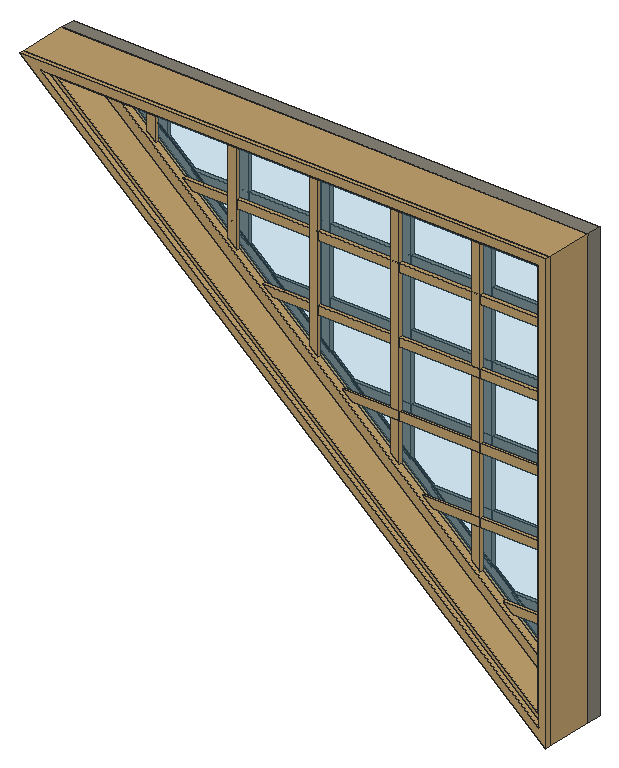
Revit family
Parameters (values of type "CDGPOLY P3-3")
  Window Type = "Clad Direct Glaze Polygon Shape P3-3"
  URL = "www.marvin.com"
  Slope per foot = 0' - 10"
  Slope Length = Width / cos(Slope Angle)  # 5' - 2.482"
  Slope Angle = atan(Slope per foot / 1' 0")  # 39.8056°
  Nominal Width = Width  # 4' - 0"
  Nominal Height = Height  # 3' - 4"
  Muntins Interior Visibility = yes
  Muntins Interior Material = Wood-Marvin-Pine
  Muntins Exterior Visibility = yes
  Muntins Exterior Material = Aluminum-Marvin-Bronze
  Model = "CDGPOLY P3-3"
  Mask Offset [instance] = if(Inset to Installation Flange = 0' 1 3/32", 0' 0 1/32", 0' 0")  # 0' - 0"
  Mask [instance] = Inset to Installation Flange > 0' 1 3/32"  # no
  Manufacturer = "Marvin Windows and Doors"
  Lites Wide = 6
  Lites High = 6
  Label Visibility = no
  Interior Material = Wood-Marvin-Pine
  Glazing Material = Glass-Marvin-IG Low E II with Argon
  Glass Type = "IG Low E II with Argon"
  Frame = "Aluminum Clad"
  Family created by = "www.rbuiltcomponents.com"
  Rough Width = Width + (0' 0 1/2" / sin(Slope Angle)) + 0' 0 1/2"  # 4' - 1.28102"
  Rough Height = Height + (0' 0 1/2" / cos(Slope Angle)) + (0' 0 1/2" * tan(Slope Angle))  # 3' - 5.06752"
  Jamb Extension Visibility = yes
  Inset to Installation Flange [instance] = 0' - 1"
  Height = Slope Length * sin(Slope Angle)  # 3' - 4"
  Design Pressure = if(or(Width > 10' 0", Height > 6' 0"), "", "DP40")  # "DP40"
  Description = "FIXED"
  Default Head Height = 8' - 0"
  Wall Closure = (empty or 0)
  Width = 4' - 0"
  Daylight Area = DLO Width * DLO Height / 2  # 4.76802 SF
  DLO Width = Width - (0' 1 31/32" + (0' 1 31/32" / tan(Slope Angle / 2)))  # 3' - 4.59346"
  DLO Height = Height - (0' 1 31/32" + (0' 1 31/32" / tan((90.00° - Slope Angle) / 2)))  # 2' - 9.82789"
  Cladding Material = Aluminum-Marvin-Bronze
  Assembly Code = ""
Reference planes (in)
  plane 1 "Center (Front/Back)": y = 0
  plane 2: z = 0
  plane 3 "Center (Left/Right)": x = -3
  plane 4 "Left": x = -27
  plane 5 "Right": x = 21
  plane 6 "Sill": z = 56
  plane 7 "Top": z = 96
  plane 8 "Inset": y = 2
  plane 9 "Glazing": y = 1.80078
  plane 10 "Jamb Ext Face": y = -2.5625
  plane 11: z = 76
  plane 12: y = -2.59375
Forms (in)
  Sweep 1, solid, material "Aluminum-Marvin-Bronze" <- "Cladding Material"
    path origin (0, 1.80078, 0) x (1, 0, 0) y (0, 0, 1)
      loop
        line (21, 56) -> (21, 96) -> (-27, 96) -> (21, 56)
    profile "Profile_Ext_Clad_Frame : Profile_Ext_Clad_Frame" origin (21, 1.80078, 76) x (-1, 0, 0) y (0, -1, 0)
      loop
        line (0.66161, -0.32533) -> (1.80253, -0.32533) -> (1.80253, -0.20244) -> (1.97001, -0.03495) -> (1.97001, 0) -> (0, 0) -> (0, -1.29321) -> (0.59393, -1.29321) -> (0.66161, -0.32533)
  Sweep 2, solid, material "Wood-Marvin-Pine" <- "Interior Material"
    path origin (0, 1.80078, 0) x (1, 0, 0) y (0, 0, 1)
      loop
        line (21, 56) -> (21, 96) -> (-27, 96) -> (21, 56)
    profile "Profile_Int_Frame : Profile_Int_Frame" origin (21, 1.80078, 76) x (-1, 0, 0) y (0, -1, 0)
      loop
        line (1.094, 4.36304) -> (0, 4.36304) -> (0, 0) -> (1.094, 0) -> (1.094, 1.0626) -> (1.97001, 1.0626) -> (1.97001, 1.7506) -> (1.094, 1.7506) -> (1.094, 4.36304)
  Extrusion 3, solid, material "Wood-Marvin-Pine" <- "Interior Material", visible <- "Jamb Extension Visibility", detail levels medium+fine
    sketch origin (-6, -2.5625, 0) x (-1, 0, 0) y (0, 0, -1)
      loop
        line (-27, -96) -> (21, -96) -> (-27, -56) -> (-27, -96)
      loop
        line (-26.3125, -95.3125) -> (19.10109, -95.3125) -> (-26.3125, -57.46784) -> (-26.3125, -95.3125)
    from 0 to 0.4375
  Extrusion 4, solid, material "Glass-Marvin-IG Low E II with Argon" <- "Glazing Material"
    sketch origin (0, 1.80078, 0) x (1, 0, 0) y (0, 0, 1)
      loop
        line (-23.46112, 94.71875) -> (19.71875, 58.73552) -> (19.71875, 94.71875) -> (-23.46112, 94.71875)
    from 0 to 0.1875
  Extrusion 5, solid, material "Glass-Marvin-IG Low E II with Argon" <- "Glazing Material"
    sketch origin (0, 1.80078, 0) x (1, 0, 0) y (0, 0, 1)
      loop
        line (-23.46112, 94.71875) -> (19.71875, 58.73552) -> (19.71875, 94.71875) -> (-23.46112, 94.71875)
    from 0.8125 to 1
Lines and regions (in)
  Masking region 1
    outline origin (0, 0, 56) x (0, -1, 0) y (1, 0, 0)
      loop
        line (-3.09375, -27) -> (2.5625, -27) -> (2.5625, 21) -> (-3.09375, 21) -> (-3.09375, -27)
  Masking region 2
    outline origin (-3, 0, 0) x (0, 1, 0) y (0, 0, 1)
      loop
        line (3.094, 96) -> (-2.5625, 96) -> (-2.5625, 56) -> (3.094, 56) -> (3.094, 96)
  Masking region 3, visible <- "Mask"
    outline origin (-3, 0, 0) x (0, 1, 0) y (0, 0, 1)
      loop
        line (3.094, 96) -> (3, 96) -> (3, 56) -> (3.094, 56) -> (3.094, 96)
  Masking region 4, visible <- "Jamb Extension Visibility"
    outline origin (0, 0, 56) x (0, -1, 0) y (1, 0, 0)
      loop
        line (-3, -27) -> (3, -27) -> (3, 21) -> (-3, 21) -> (-3, -27)
  Masking region 5
    outline origin (-3, 0, 0) x (0, 1, 0) y (0, 0, 1)
      loop
        line (-2.59375, 96) -> (-3, 96) -> (-3, 56) -> (-2.59375, 56) -> (-2.59375, 96)
  Opening 1
    outline origin (-60, 3, 0) x (-1, 0, 0) y (0, 0, 1)
      loop
        line (-81, 56) -> (-33, 96) -> (-81, 96) -> (-81, 56)
  symbolic lines, style "Jamb Extension", visible <- "Jamb Extension Visibility", detail levels fine
    curve 1: line (-27, -3, 56) -> (-26.3125, -3, 56)
    curve 2: line (-26.3125, -3, 56) -> (-26.3125, -2.59375, 56)
    curve 3: line (21, -3, 56) -> (20.3125, -3, 56)
    curve 4: line (20.3125, -3, 56) -> (20.3125, -2.59375, 56)
    curve 5: line (-3, -3, 95.3125) -> (-3, -2.59375, 95.3125)
    curve 6: line (-3, -3, 56.6875) -> (-3, -2.59375, 56.6875)
  symbolic lines, style "WindowsFrameMullionProjection", detail levels coarse+medium
    curve 7: line (21, -2.5625, 56) -> (19.906, -2.5625, 56)
    curve 8: line (19.906, -2.5625, 56) -> (19.906, 3.09375, 56)
    curve 9: line (19.906, 3.09375, 56) -> (21, 3.09375, 56)
    curve 10: line (19.906, 2.12611, 56) -> (19.02999, 2.12611, 56)
    curve 11: line (19.02999, 2.12611, 56) -> (19.02999, 0.04994, 56)
    curve 12: line (-25.906, 0.04994, 56) -> (-25.02999, 0.04994, 56)
    curve 13: line (-27, -2.5625, 56) -> (-25.906, -2.5625, 56)
    curve 14: line (-25.906, -2.5625, 56) -> (-25.906, 3.09375, 56)
    curve 15: line (-25.906, 3.09375, 56) -> (-27, 3.09375, 56)
    curve 16: line (-25.02999, 2.12611, 56) -> (-25.02999, 0.04994, 56)
    curve 17: line (-3, 3.094, 96) -> (-3, 3.094, 94.906)
    curve 18: line (-3, 3.094, 94.906) -> (-3, -2.5625, 94.906)
    curve 19: line (-3, -2.5625, 94.906) -> (-3, -2.5625, 96)
    curve 20: line (-3, 2.12611, 94.906) -> (-3, 2.12611, 94.02999)
    curve 21: line (-3, 2.12611, 94.02999) -> (-3, 0.04994, 94.02999)
    curve 22: line (-3, 0.04994, 57.094) -> (-3, 0.04994, 57.97001)
    curve 23: line (-3, 3.094, 56) -> (-3, 3.094, 57.094)
    curve 24: line (-3, 3.094, 57.094) -> (-3, -2.5625, 57.094)
    curve 25: line (-3, -2.5625, 57.094) -> (-3, -2.5625, 56)
    curve 26: line (-3, 2.12611, 57.97001) -> (-3, 0.04994, 57.97001)
    curve 27: line (19.02999, 2.12611, 56) -> (-25.02999, 2.12611, 56)
    curve 28: line (19.02999, 0.04994, 56) -> (19.906, 0.04994, 56)
    curve 29: line (-25.02999, 0.04994, 56) -> (19.02999, 0.04994, 56)
    curve 30: line (-25.02999, 2.12611, 56) -> (-25.906, 2.12611, 56)
    curve 31: line (-3, 0.04994, 57.97001) -> (-3, 0.04994, 94.02999)
    curve 32: line (-3, 2.12611, 57.97001) -> (-3, 2.12611, 57.094)
    curve 33: line (-3, 0.04994, 94.02999) -> (-3, 0.04994, 94.906)
    curve 34: line (-3, 2.12611, 94.02999) -> (-3, 2.12611, 57.97001)
  symbolic lines, style "WindowsFrameMullionProjection", visible <- "Jamb Extension Visibility", detail levels coarse+medium
    curve 35: line (-26.3125, -2.59375, 56) -> (-26.3125, -3, 56)
    curve 36: line (-26.3125, -3, 56) -> (-27, -3, 56)
    curve 37: line (20.3125, -2.59375, 56) -> (20.3125, -3, 56)
    curve 38: line (20.3125, -3, 56) -> (21, -3, 56)
    curve 41: line (-3, -2.59375, 95.3125) -> (-3, -3, 95.3125)
    curve 42: line (-3, -3, 95.3125) -> (-3, -3, 96)
    curve 43: line (-3, -2.59375, 56.6875) -> (-3, -3, 56.6875)
    curve 44: line (-3, -3, 56.6875) -> (-3, -3, 56)
  symbolic lines, style "Jamb Extension", visible <- "Jamb Extension Visibility"
    curve 39: line (-3, -3, 56.6875) -> (-3, -3, 56)
    curve 40: line (-3, -3, 95.3125) -> (-3, -3, 96)
  symbolic lines, style "WindowsGlassProjection", detail levels coarse+medium
    curve 45: line (-3, 1.06756, 57.97001) -> (-3, 1.06756, 94.02999)
    curve 46: line (19.02999, 1.06956, 56) -> (-25.02999, 1.06956, 56)
  reference lines
    curve 47: line (-27, 0, 96) -> (21, 0, 56)
Text (in)
  text "EXTERIOR" at (-58.6888, 50.90694, 0), in view "Ref. Level"
  text "INTERIOR" at (-58.6888, -37.76638, 0), in view "Ref. Level"
  text "Exterior" at (0, 43.65631, 123.19604), in view "Left"
  text "Exterior" at (0, 18.29385, 125.04747), in view "Right"
Dimensions and locks (in)
  equal spacing: plane 4 "Left", plane 3 "Center (Left/Right)", plane 5 "Right"
  "Width": plane 4 "Left" to plane 5 "Right"
  "Height": plane 6 "Sill" to plane 7 "Top"
  "Inset to Installation Flange": host wall to plane 8 "Inset"
  locked: plane 9 "Glazing" to plane 8 "Inset" at 0.19922
  locked: plane 10 "Jamb Ext Face" to plane 8 "Inset" at 4.5625
  equal spacing: curve 28, plane 8 "Inset", curve 10
  equal spacing: plane 6 "Sill", plane 11, plane 7 "Top"
  "Default Head Height": plane 2 to plane 7 "Top"
  locked: nested 3 to host wall at 12.00106
  locked: curve 41 to plane 7 "Top" at 0.6875
  locked: plane 12 to plane 10 "Jamb Ext Face" at 0.03125
  "Mask Offset": Masking region 3 sketch curve to host wall
  plane 9 "Glazing" to Extrusion 5 to Extrusion 5 = 0' - 0 13/16" locked, 0' - 0 3/16" locked
  locked: plane 9 "Glazing" to Extrusion 4 at 0.1875
  locked: nested 5 to plane 9 "Glazing" at 1.0625
  "Slope Length": curve 47 to curve 47
  locked: Extrusion 3 sketch curve to plane 7 "Top" at 0.6875
  locked: Extrusion 3 sketch curve to curve 47 at 0.6875
  locked: Extrusion 3 sketch curve to plane 5 "Right" at 0.6875
  locked: Extrusion 4 sketch curve to plane 7 "Top" at 1.28125
  locked: Extrusion 4 sketch curve to plane 5 "Right" at 1.28125
  locked: Extrusion 4 sketch curve to curve 47 at 1.28125
  locked: Extrusion 5 sketch curve to plane 7 "Top" at 1.28125
  locked: Extrusion 5 sketch curve to plane 5 "Right" at 1.28125
  locked: Extrusion 5 sketch curve to curve 47 at 1.28125
  aligned and locked: nested 1 to plane 3 "Center (Left/Right)"
  aligned and locked: plane 8 "Inset" to nested 1
  aligned and locked: host wall to curve 1
  aligned and locked: curve 3 to host wall
  aligned and locked: plane 8 "Inset" to nested 2
  aligned and locked: plane 5 "Right" to Masking region 1 sketch curve
  aligned and locked: Masking region 1 sketch curve to plane 4 "Left"
  aligned and locked: plane 7 "Top" to Masking region 2 sketch curve
  aligned and locked: Masking region 2 sketch curve to plane 6 "Sill"
  aligned and locked: plane 3 "Center (Left/Right)" to nested 3
  aligned and locked: plane 7 "Top" to Masking region 3 sketch curve
  aligned and locked: Masking region 3 sketch curve to plane 6 "Sill"
  aligned and locked: plane 10 "Jamb Ext Face" to curve 13
  aligned and locked: curve 7 to plane 10 "Jamb Ext Face"
  aligned and locked: plane 4 "Left" to curve 36
  aligned and locked: curve 36 to host wall
  aligned and locked: plane 5 "Right" to curve 38
  aligned and locked: host wall to curve 38
  aligned and locked: curve 25 to plane 10 "Jamb Ext Face"
  aligned and locked: plane 6 "Sill" to curve 39
  aligned and locked: plane 10 "Jamb Ext Face" to curve 19
  aligned and locked: plane 7 "Top" to curve 40
  aligned and locked: plane 7 "Top" to curve 42
  aligned and locked: host wall to curve 42
  aligned and locked: plane 6 "Sill" to curve 44
  aligned and locked: plane 6 "Sill" to nested 2
  aligned and locked: curve 18 to nested 2
  aligned and locked: curve 21 to nested 2
  aligned and locked: Masking region 1 sketch curve to plane 10 "Jamb Ext Face"
  aligned and locked: Masking region 4 sketch curve to plane 4 "Left"
  aligned and locked: plane 5 "Right" to Masking region 4 sketch curve
  aligned and locked: Masking region 4 sketch curve to host wall  (x2)
  aligned and locked: Masking region 2 sketch curve to plane 10 "Jamb Ext Face"
  aligned and locked: plane 7 "Top" to Masking region 5 sketch curve
  aligned and locked: Masking region 5 sketch curve to plane 6 "Sill"
  aligned and locked: plane 12 to Masking region 5 sketch curve
  aligned and locked: Masking region 5 sketch curve to host wall
  aligned and locked: host wall to Extrusion 3
  aligned and locked: Extrusion 3 to plane 10 "Jamb Ext Face"
  aligned and locked: plane 5 "Right" to nested 4
  aligned and locked: nested 5 to plane 5 "Right"
  aligned and locked: plane 7 "Top" to nested 4
  aligned and locked: nested 5 to plane 7 "Top"
  aligned and locked: plane 9 "Glazing" to nested 4
  aligned and locked: plane 7 "Top" to curve 47
  aligned and locked: plane 6 "Sill" to curve 47
  aligned and locked: plane 5 "Right" to curve 47
  aligned and locked: plane 5 "Right" to Sweep 1 sketch curve
  aligned and locked: plane 7 "Top" to Sweep 1 sketch curve
  aligned and locked: Sweep 1 sketch curve to curve 47
  aligned and locked: plane 5 "Right" to Sweep 2 sketch curve
  aligned and locked: plane 7 "Top" to Sweep 2 sketch curve
  aligned and locked: Sweep 2 sketch curve to curve 47
  aligned and locked: plane 7 "Top" to Opening 1 sketch curve
  aligned and locked: plane 5 "Right" to Opening 1 sketch curve
  aligned and locked: Opening 1 sketch curve to curve 47
  aligned and locked: Extrusion 3 sketch curve to plane 7 "Top"
  aligned and locked: Extrusion 3 sketch curve to plane 5 "Right"
  aligned and locked: Extrusion 3 sketch curve to curve 47
  aligned and locked: Masking region 3 sketch curve to Sweep 1
  aligned and locked: Masking region 2 sketch curve to Sweep 1
  aligned and locked: curve 17 to Sweep 1
  aligned and locked: curve 33 to nested 2
  aligned and locked: curve 23 to Sweep 1
  aligned and locked: curve 22 to nested 2
  aligned and locked: Masking region 1 sketch curve to nested 1
  aligned and locked: curve 15 to nested 1
  aligned and locked: curve 12 to nested 1
  aligned and locked: curve 28 to nested 1
  aligned and locked: curve 9 to nested 1
Automatic sketch dimensions
  plane 12 to curve 35 = 0' - 0"
  plane 12 to curve 4 = 0' - 0"
  plane 12 to curve 37 = 0' - 0"
  plane 12 to curve 2 = 0' - 0"
  curve 1 to plane 4 "Left" = 0' - 0"
  curve 3 to plane 5 "Right" = 0' - 0"
  curve 2 to plane 4 "Left" = 0' - 0 11/16"
  plane 5 "Right" to curve 4 = 0' - 0 11/16"
  curve 39 to host wall = 0' - 0"
  curve 5 to plane 12 = 0' - 0"
  curve 41 to plane 12 = 0' - 0"
  curve 6 to plane 12 = 0' - 0"
  curve 43 to plane 12 = 0' - 0"
  plane 7 "Top" to curve 17 = 0' - 0"
  plane 6 "Sill" to curve 23 = 0' - 0"
  plane 6 "Sill" to curve 25 = 0' - 0"
  plane 7 "Top" to curve 19 = 0' - 0"
  plane 9 "Glazing" to curve 45 = 0' - 0.73322"
  curve 32 to plane 8 "Inset" = 0' - 0.12611"
  curve 44 to plane 6 "Sill" = 0' - 0 11/16"
  curve 6 to curve 25 = 0' - 0.4065"
  curve 22 to curve 22 = 0' - 0.87601"
  curve 15 to plane 4 "Left" = 0' - 0"
  curve 13 to plane 4 "Left" = 0' - 0"
  curve 9 to plane 5 "Right" = 0' - 0"
  curve 7 to plane 5 "Right" = 0' - 0"
  curve 16 to plane 8 "Inset" = 0' - 0.12611"
  curve 14 to plane 4 "Left" = 0' - 1.094"
  curve 12 to curve 16 = 0' - 0.87601"
  curve 8 to curve 4 = 0' - 0.4065"
  curve 11 to curve 28 = 0' - 0.87601"
  plane 9 "Glazing" to curve 46 = 0' - 0.73122"
Nested families (in)
  nested 1: "Polygon_Plan_Detail" at (-3, 2, 56) x (-1, 0, 0) z (0, 0, -1), type "Polygon_Plan_Detail", detail levels fine
    with Width 4' - 0"
  nested 2: "Polygon_Section_Detail" at (-3, 2, 96) x (0, -1, 0) z (1, 0, 0), type "Polygon_Section_Detail", detail levels fine
    with Height 3' - 4"
  nested 3: "Label Annotation 1-16 w6" at (-3, 15.00106, 0), visible <- "Label Visibility", type "Label Annotation 1-16 w6"
    with Nominal Height 3' - 4"
  nested 4: "Muntins" at (-28.12312, 1.80078, 22.2086), Muntin Material <- "Muntins Exterior Material", visible <- "Muntins Exterior Visibility", type "Muntins"
    with Muntin Material Aluminum-Marvin-Bronze, Width_Calc 3' - 8.09968", Slope Angle 39.8056°, Offset Vert 0' - 3.86976", Offset Horiz 0' - 5.00622", Inset Vert2 0' - 3 9/16", Inset Horiz2 0' - 3.38193", Height_Calc 3' - 0.19765", GlazingWidth 3' - 4.59346", GlazingHeight 2' - 9.82789", Width 3' - 4.90596", Height 2' - 10.14039", Inset Vert 0' - 6.97495", Inset Horiz 0' - 5.65794", Frame Width 3' - 11.72468", Frame Height 3' - 3.82265", Center_W_Calc 1' - 8.45298", Center_H_Calc 1' - 5.07019"
  nested 5: "Muntins" at (-28.12312, 0.73828, 22.2086), Muntin Material <- "Muntins Interior Material", visible <- "Muntins Interior Visibility", type "Muntins"
    with Muntin Material Wood-Marvin-Pine, Width_Calc 3' - 8.09968", Slope Angle 39.8056°, Offset Vert 0' - 3.86976", Offset Horiz 0' - 5.00622", Inset Vert2 0' - 3 9/16", Inset Horiz2 0' - 3.38193", Height_Calc 3' - 0.19765", GlazingWidth 3' - 4.59346", GlazingHeight 2' - 9.82789", Width 3' - 4.90596", Height 2' - 10.14039", Inset Vert 0' - 6.97495", Inset Horiz 0' - 5.65794", Frame Width 3' - 11.72468", Frame Height 3' - 3.82265", Center_W_Calc 1' - 8.45298", Center_H_Calc 1' - 5.07019"
Definition of nested family "Muntins"
  Parameters (values of type "Muntins")
    Width_Calc = Width + (Offset Horiz - 0' 1 13/16")  # 4' - 2.87576"
    Slope Angle = 45.00°
    Offset Vert = (0' 1 13/16" / tan((90.00° - Slope Angle) / 2))  # 0' - 4.37576"
    Offset Horiz = (0' 1 13/16" / tan(Slope Angle / 2))  # 0' - 4.37576"
    Inset Vert2 = Inset Vert - (Offset Horiz - 0' 1 31/32") - (MuntinWidth / 2)  # 0' - 5.32228"
    Inset Horiz2 = Inset Horiz - (Offset Vert - 0' 1 31/32") - (MuntinWidth / 2)  # 0' - 5.32228"
    Height_Calc = Height + (Offset Vert - 0' 1 13/16")  # 4' - 2.87576"
    GlazingWidth = 4' - 0"
    GlazingHeight = 4' - 0"
    Width = GlazingWidth + 0' 0 5/16"  # 4' - 0 5/16"
    VerticalMuntins = if(LitesHorizontal < 3, 2, LitesHorizontal - 1)  # 5
    VertMuntVisible = LitesHorizontal > 2  # yes
    MuntinWidth = 0' - 0 3/4"
    MuntinDepth = 0' - 0 5/16"
    Muntin Material [instance] = none
    LitesVertical = 6
    LitesHorizontal = 6
    HorizontalMuntins = if(LitesVertical < 3, 2, LitesVertical - 1)  # 5
    HorizMuntVisible = LitesVertical > 2  # yes
    Height = GlazingHeight + 0' 0 5/16"  # 4' - 0 5/16"
    Inset Vert = if(LitesHorizontal < 3, (Width_Calc / 3) - (MuntinWidth / 2), (Width_Calc / LitesHorizontal) - (MuntinWidth / 2))  # 0' - 8.10429"
    Inset Horiz = if(LitesVertical < 3, (Height_Calc / 3) - (MuntinWidth / 2), (Height_Calc / LitesVertical) - (MuntinWidth / 2))  # 0' - 8.10429"
    Frame Height = Height + Offset Vert + 0' 1 13/16"  # 4' - 6.50076"
    Frame Width = Width + Offset Horiz + 0' 1 13/16"  # 4' - 6.50076"
    Center_W_Calc = Width / 2  # 2' - 0 5/32"
    Center_H_Calc = Height / 2  # 2' - 0 5/32"
    CenterMuntinVertical = LitesHorizontal = 2  # no
    CenterMuntinHorizontal = LitesVertical = 2  # no
    Assembly Code = ""
  Reference planes (in)
    plane 1 "Center (Front/Back)": y = 0
    plane 2: z = 0
    plane 3 "Center (Left/Right)": x = 1.39844
    plane 4: z = 33.96875
    plane 5: x = 55.8992
    plane 6: z = 88.46951
    plane 7: z = 62.50076
    plane 8: x = 29.93045
    plane 9: x = 5.7742
    plane 10: z = 38.34451
    plane 11: x = 11.09648
    plane 12: z = 43.66679
    plane 13: z = 78.55272
    plane 14: x = 45.98241
    plane 15: x = 54.0867
    plane 16: z = 86.65701
  Forms (in)
    Extrusion 1, solid, material <- "Muntin Material", visible <- "CenterMuntinVertical"
      sketch origin (34.39844, 0, 0) x (1, 0, 0) y (0, 0, 1)
        loop
          line (-4.84299, 86.65701) -> (-4.84299, 38.34451) -> (-4.09299, 38.34451) -> (-4.09299, 86.65701) -> (-4.84299, 86.65701)
      from 0 to 0.3125 <- "MuntinDepth"
    Extrusion 2, solid, material <- "Muntin Material", visible <- "CenterMuntinHorizontal"
      sketch origin (25.39714, 0, 14.6875) x (1, 0, 0) y (0, 0, 1)
        loop
          line (-19.61661, 48.18826) -> (-19.61661, 47.43826) -> (28.69589, 47.43826) -> (28.69589, 48.18826) -> (-19.61661, 48.18826)
      from 0 to 0.3125 <- "MuntinDepth"
    Extrusion 3, solid, material <- "Muntin Material", visible <- "HorizMuntVisible"
      sketch origin (2.56326, 0, -3.21583) x (1, 0, 0) y (0, 0, 1)
        loop
          line (3.21094, 46.88262) -> (51.52344, 46.88262) -> (51.52344, 47.63262) -> (3.21094, 47.63262) -> (3.21094, 46.88262)
      from 0 to 0.3125 <- "MuntinDepth"
    Extrusion 4, solid, material <- "Muntin Material", visible <- "HorizMuntVisible"
      sketch origin (2.56326, 0, 30.9201) x (1, 0, 0) y (0, 0, 1)
        loop
          line (3.21094, 46.88262) -> (51.52344, 46.88262) -> (51.52344, 47.63262) -> (3.21094, 47.63262) -> (3.21094, 46.88262)
      from 0 to 0.3125 <- "MuntinDepth"
    Extrusion 5, solid, material <- "Muntin Material", visible <- "HorizMuntVisible"
      sketch origin (2.56326, 0, 5.31815) x (1, 0, 0) y (0, 0, 1)
        loop
          line (3.21094, 46.88262) -> (51.52344, 46.88262) -> (51.52344, 47.63262) -> (3.21094, 47.63262) -> (3.21094, 46.88262)
      from 0 to 0.3125 <- "MuntinDepth"
    Extrusion 6, solid, material <- "Muntin Material", visible <- "HorizMuntVisible"
      sketch origin (2.56326, 0, 13.85213) x (1, 0, 0) y (0, 0, 1)
        loop
          line (3.21094, 46.88262) -> (51.52344, 46.88262) -> (51.52344, 47.63262) -> (3.21094, 47.63262) -> (3.21094, 46.88262)
      from 0 to 0.3125 <- "MuntinDepth"
    Extrusion 7, solid, material <- "Muntin Material", visible <- "HorizMuntVisible"
      sketch origin (2.56326, 0, 22.38612) x (1, 0, 0) y (0, 0, 1)
        loop
          line (3.21094, 46.88262) -> (51.52344, 46.88262) -> (51.52344, 47.63262) -> (3.21094, 47.63262) -> (3.21094, 46.88262)
      from 0 to 0.3125 <- "MuntinDepth"
    Extrusion 8, solid, material <- "Muntin Material", visible <- "HorizMuntVisible"
      sketch origin (-3.21583, 0, 2.56326) x (1, 0, 0) y (0, 0, 1)
        loop
          line (14.31231, 35.78125) -> (15.06231, 35.78125) -> (15.06231, 84.09375) -> (14.31231, 84.09375) -> (14.31231, 35.78125)
      from 0 to 0.3125 <- "MuntinDepth"
    Extrusion 9, solid, material <- "Muntin Material", visible <- "HorizMuntVisible"
      sketch origin (30.9201, 0, 2.56326) x (1, 0, 0) y (0, 0, 1)
        loop
          line (14.31231, 35.78125) -> (15.06231, 35.78125) -> (15.06231, 84.09375) -> (14.31231, 84.09375) -> (14.31231, 35.78125)
      from 0 to 0.3125 <- "MuntinDepth"
    Extrusion 10, solid, material <- "Muntin Material", visible <- "HorizMuntVisible"
      sketch origin (5.31815, 0, 2.56326) x (1, 0, 0) y (0, 0, 1)
        loop
          line (14.31231, 35.78125) -> (15.06231, 35.78125) -> (15.06231, 84.09375) -> (14.31231, 84.09375) -> (14.31231, 35.78125)
      from 0 to 0.3125 <- "MuntinDepth"
    Extrusion 11, solid, material <- "Muntin Material", visible <- "HorizMuntVisible"
      sketch origin (13.85213, 0, 2.56326) x (1, 0, 0) y (0, 0, 1)
        loop
          line (14.31231, 35.78125) -> (15.06231, 35.78125) -> (15.06231, 84.09375) -> (14.31231, 84.09375) -> (14.31231, 35.78125)
      from 0 to 0.3125 <- "MuntinDepth"
    Extrusion 12, solid, material <- "Muntin Material", visible <- "HorizMuntVisible"
      sketch origin (22.38612, 0, 2.56326) x (1, 0, 0) y (0, 0, 1)
        loop
          line (14.31231, 35.78125) -> (15.06231, 35.78125) -> (15.06231, 84.09375) -> (14.31231, 84.09375) -> (14.31231, 35.78125)
      from 0 to 0.3125 <- "MuntinDepth"
    Extrusion 13, void
      sketch origin (89.86795, 0, 64.46951) x (0, 0, -1) y (1, 0, 0)
        loop
          line (30.50076, -88.46951) -> (30.50076, -31.62646) -> (-26.34229, -88.46951) -> (30.50076, -88.46951)
      from 0 to 12
  Cuts and joins
    Extrusion 13 cuts Extrusion 1
    Extrusion 13 cuts Extrusion 2
    Extrusion 13 cuts Extrusion 3
    Extrusion 13 cuts Extrusion 4
    Extrusion 13 cuts Extrusion 5
    Extrusion 13 cuts Extrusion 6
    Extrusion 13 cuts Extrusion 7
    Extrusion 13 cuts Extrusion 8
    Extrusion 13 cuts Extrusion 9
    Extrusion 13 cuts Extrusion 10
    Extrusion 13 cuts Extrusion 11
    Extrusion 13 cuts Extrusion 12
  Lines and regions (in)
    reference lines
      curve 1: line (55.8992, 0, 33.96875) -> (1.39844, 0, 88.46951)
  Dimensions and locks (in)
    "MuntinWidth": Extrusion 1 sketch curve to Extrusion 1 sketch curve
    "Height": Extrusion 1 sketch curve to Extrusion 1 sketch curve
    "MuntinWidth": Extrusion 2 sketch curve to Extrusion 2 sketch curve
    "Width": Extrusion 2 sketch curve to Extrusion 2 sketch curve
    equal spacing: Extrusion 1 sketch curve, plane 8, Extrusion 1 sketch curve
    equal spacing: Extrusion 2 sketch curve, plane 7, Extrusion 2 sketch curve
    "Offset Vert": plane 10 to plane 4
    "Offset Horiz": plane 9 to plane 3 "Center (Left/Right)"
    "Inset Vert2": plane 11 to plane 9
    "Inset Horiz2": plane 12 to plane 10
    "Inset Horiz": plane 16 to plane 13
    "Inset Vert": plane 15 to plane 14
    "Width": plane 15 to plane 9
    "Height": plane 16 to plane 10
    "Center_H_Calc": plane 16 to plane 7
    "Center_W_Calc": plane 15 to plane 8
    locked: plane 6 to plane 16 at 1.8125
    locked: plane 5 to plane 15 at 1.8125
    "MuntinWidth": Extrusion 3 sketch curve to Extrusion 3 sketch curve
    "Width": Extrusion 3 sketch curve to Extrusion 3 sketch curve
    "MuntinWidth": Extrusion 4 sketch curve to Extrusion 4 sketch curve
    "Width": Extrusion 4 sketch curve to Extrusion 4 sketch curve
    equal spacing: group 2, group 4, group 5, group 6, group 3  (x3)
    "MuntinWidth": Extrusion 5 sketch curve to Extrusion 5 sketch curve
    "Width": Extrusion 5 sketch curve to Extrusion 5 sketch curve
    "MuntinWidth": Extrusion 6 sketch curve to Extrusion 6 sketch curve
    "Width": Extrusion 6 sketch curve to Extrusion 6 sketch curve
    "MuntinWidth": Extrusion 7 sketch curve to Extrusion 7 sketch curve
    "Width": Extrusion 7 sketch curve to Extrusion 7 sketch curve
    "MuntinWidth": Extrusion 8 sketch curve to Extrusion 8 sketch curve
    "Height": Extrusion 8 sketch curve to Extrusion 8 sketch curve
    "MuntinWidth": Extrusion 9 sketch curve to Extrusion 9 sketch curve
    "Height": Extrusion 9 sketch curve to Extrusion 9 sketch curve
    equal spacing: group 7, group 9, group 10, group 11, group 8  (x3)
    "MuntinWidth": Extrusion 10 sketch curve to Extrusion 10 sketch curve
    "Height": Extrusion 10 sketch curve to Extrusion 10 sketch curve
    "MuntinWidth": Extrusion 11 sketch curve to Extrusion 11 sketch curve
    "Height": Extrusion 11 sketch curve to Extrusion 11 sketch curve
    "MuntinWidth": Extrusion 12 sketch curve to Extrusion 12 sketch curve
    "Height": Extrusion 12 sketch curve to Extrusion 12 sketch curve
    locked: Extrusion 13 sketch curve to curve 1 at 1.65625
    aligned and locked: plane 4 to curve 1
    aligned and locked: plane 6 to curve 1
    aligned and locked: plane 3 "Center (Left/Right)" to curve 1
    aligned and locked: plane 5 to curve 1
    aligned and locked: Extrusion 3 to plane 12
    aligned and locked: plane 13 to Extrusion 4
    aligned and locked: Extrusion 4 to plane 9
    aligned and locked: Extrusion 3 to plane 9
    aligned and locked: Extrusion 8 to plane 11
    aligned and locked: plane 14 to Extrusion 9
    aligned and locked: Extrusion 9 to plane 10
    aligned and locked: Extrusion 8 to plane 10
    aligned and locked: plane 3 "Center (Left/Right)" to Extrusion 13 sketch curve
    aligned and locked: plane 4 to Extrusion 13 sketch curve
  Automatic sketch dimensions
    Extrusion 1 sketch curve to plane 10 = 0' - 0"
    Extrusion 1 sketch curve to plane 8 = 0' - 0 3/8"
    plane 9 to Extrusion 2 sketch curve = 0' - 0.00632"
    Extrusion 2 sketch curve to plane 7 = 0' - 0 3/8"
Definition of nested family "Polygon_Plan_Detail"
  Parameters (values of type "Polygon_Plan_Detail")
    Width = 3' - 0"
    Assembly Code = ""
  Reference planes (in)
    plane 1 "Center (Front/Back)": y = 0
    plane 2: z = 0
    plane 3 "Center (Left/Right)": x = 0
    plane 4: x = -18
    plane 5: x = 18
  Lines and regions (in)
    detail lines, style "Cut Lines", in view "Ref. Level"
      curve 1: line (-16.71748, -0.23076, 0) -> (16.71748, -0.23076, 0)
      curve 2: line (16.71748, -0.41826, 0) -> (-16.71748, -0.41826, 0)
      curve 3: line (-16.71749, -1.04326, 0) -> (16.71749, -1.04326, 0)
      curve 4: line (16.71749, -1.23076, 0) -> (-16.71749, -1.23076, 0)
  Dimensions and locks (in)
    equal spacing: plane 4, plane 3 "Center (Left/Right)", plane 5
    "Width": plane 4 to plane 5
    aligned and locked: plane 1 "Center (Front/Back)" to nested 1
    aligned and locked: nested 1 to plane 4
    aligned and locked: plane 5 to nested 2
    aligned and locked: nested 2 to plane 1 "Center (Front/Back)"
    aligned and locked: curve 1 to nested 1
    aligned and locked: curve 2 to nested 2
    aligned and locked: curve 3 to nested 1
    aligned and locked: curve 4 to nested 2
  Automatic sketch dimensions
    plane 4 to curve 3 = 0' - 1.28251"
    curve 4 to curve 3 = 0' - 0"
    curve 3 to curve 1 = 0' - 0"
    curve 2 to curve 1 = 0' - 0"  (x2)
    plane 5 to curve 1 = 0' - 1.28252"
    curve 2 to curve 4 = 0' - 0"
    curve 3 to curve 4 = 0' - 0"
  Nested families (in)
    nested 1: "Jamb_Detail" at (-18, 0, 0), type "Jamb_Detail", in view "Ref. Level"
    nested 2: "Jamb_Detail" at (18, 0, 0) x (-1, 0, 0) z (0, 0, 1), type "Jamb_Detail", in view "Ref. Level"
  Definition of nested family "Jamb_Detail"
    Reference planes (in)
      plane 1 "Center (Front/Back)": y = 0
      plane 2: z = 0
      plane 3 "Center (Left/Right)": x = 0
    Lines and regions (in)
      detail lines, style "Cut Lines", in view "Ref. Level"
        curve 1: line (1.094, 4.5625, 0) -> (0, 4.5625, 0)
        curve 2: line (0, 4.5625, 0) -> (0, -1.09375, 0)
        curve 3: line (1.094, 4.5625, 0) -> (1.094, 1.95006, 0)
        curve 4: line (1.094, 1.95006, 0) -> (1.97001, 1.95006, 0)
        curve 5: line (1.97001, 1.95006, 0) -> (1.97001, 1.26206, 0)
        curve 6: line (1.97001, 1.26206, 0) -> (1.094, 1.26206, 0)
        curve 7: line (-0.15502, 0, 0) -> (-1.50502, 0, 0)
        curve 8: line (0, -0.045, 0) -> (-1.50502, -0.045, 0)
        curve 9: line (0, 0.11, 0) -> (-0.15502, 0.11, 0)
        curve 10: line (-0.15502, 0, 0) -> (-0.15502, 0.11, 0)
        curve 11: line (0.66161, -0.12586, 0) -> (0.59393, -1.09375, 0)
        curve 12: line (0.59393, -1.09375, 0) -> (0, -1.09375, 0)
        curve 13: line (1.80253, -0.12586, 0) -> (0.66161, -0.12586, 0)
        curve 14: line (1.80253, -0.00297, 0) -> (1.80253, -0.12586, 0)
        curve 15: line (1.094, 0.19946, 0) -> (1.97001, 0.19946, 0)
        curve 16: line (-1.50502, 0, 0) -> (-1.50502, -0.045, 0)
        curve 17: line (1.97001, 0.19946, 0) -> (1.97001, 0.16452, 0)
        curve 18: line (1.094, 1.26206, 0) -> (1.094, 0.19946, 0)
        curve 19: line (1.72001, 1.04326, 0) -> (1.72001, 0.41826, 0)
        curve 20: line (1.40751, 1.04326, 0) -> (1.40751, 0.41826, 0)
        curve 21: line (1.28251, 1.23076, 0) -> (1.28251, 1.04326, 0)
        curve 22: line (1.28252, 0.23076, 0) -> (1.28252, 0.41826, 0)
        curve 23: line (1.80253, -0.00297, 0) -> (1.97001, 0.16452, 0)
Definition of nested family "Polygon_Section_Detail"
  Parameters (values of type "Polygon_Section_Detail")
    Height = 3' - 0"
    Assembly Code = ""
  Reference planes (in)
    plane 1 "Center (Front/Back)": y = 0
    plane 2: z = 0
    plane 3 "Center (Left/Right)": x = 0
    plane 4: y = 36
  Lines and regions (in)
    detail lines, style "Cut Lines", in view "Ref. Level"
      curve 1: line (0.23076, 1.28252, 0) -> (0.23076, 34.71748, 0)
      curve 2: line (0.41826, 34.71748, 0) -> (0.41826, 1.28252, 0)
      curve 3: line (1.04326, 1.28251, 0) -> (1.04326, 34.71749, 0)
      curve 4: line (1.23076, 34.71749, 0) -> (1.23076, 1.28251, 0)
  Dimensions and locks (in)
    "Height": plane 4 to plane 1 "Center (Front/Back)"
    aligned and locked: nested 1 to plane 4
    aligned and locked: plane 3 "Center (Left/Right)" to nested 1
    aligned and locked: curve 2 to nested 1
    aligned and locked: curve 4 to nested 1
    aligned and locked: plane 1 "Center (Front/Back)" to nested 2
    aligned and locked: nested 2 to plane 3 "Center (Left/Right)"
    aligned and locked: curve 1 to nested 2
    aligned and locked: nested 2 to curve 2
    aligned and locked: nested 2 to curve 3
    aligned and locked: curve 4 to nested 2
  Automatic sketch dimensions
    curve 2 to plane 4 = 0' - 1.28252"
    curve 1 to curve 2 = 0' - 0"
    curve 2 to curve 4 = 0' - 0"
    curve 3 to curve 4 = 0' - 0"
    curve 1 to curve 2 = 0' - 0 3/16"
    curve 3 to curve 4 = 0' - 0 3/16"
  Nested families (in)
    nested 1: "Head_Detail" at (0, 36, 0), type "Head_Detail", in view "Ref. Level"
    nested 2: "Head_Detail" at (0, 0, 0), type "Head_Detail", in view "Ref. Level"
  Definition of nested family "Head_Detail"
    Reference planes (in)
      plane 1 "Center (Front/Back)": y = 0
      plane 2: z = 0
      plane 3 "Center (Left/Right)": x = 0
    Lines and regions (in)
      detail lines, style "Cut Lines", in view "Ref. Level"
        curve 1: line (4.5625, -1.094, 0) -> (4.5625, 0, 0)
        curve 2: line (4.5625, 0, 0) -> (-1.09375, 0, 0)
        curve 3: line (4.5625, -1.094, 0) -> (1.95006, -1.094, 0)
        curve 4: line (1.95006, -1.094, 0) -> (1.95006, -1.97001, 0)
        curve 5: line (1.95006, -1.97001, 0) -> (1.26206, -1.97001, 0)
        curve 6: line (1.26206, -1.97001, 0) -> (1.26206, -1.094, 0)
        curve 7: line (0, 0.15502, 0) -> (0, 1.50502, 0)
        curve 8: line (-0.045, 0, 0) -> (-0.045, 1.50502, 0)
        curve 9: line (0.11, 0, 0) -> (0.11, 0.15502, 0)
        curve 10: line (0, 0.15502, 0) -> (0.11, 0.15502, 0)
        curve 11: line (-0.12586, -0.66161, 0) -> (-1.09375, -0.59393, 0)
        curve 12: line (-1.09375, -0.59393, 0) -> (-1.09375, 0, 0)
        curve 13: line (-0.12586, -1.80253, 0) -> (-0.12586, -0.66161, 0)
        curve 14: line (-0.00297, -1.80253, 0) -> (-0.12586, -1.80253, 0)
        curve 15: line (0.19946, -1.094, 0) -> (0.19946, -1.97001, 0)
        curve 16: line (0, 1.50502, 0) -> (-0.045, 1.50502, 0)
        curve 17: line (0.19946, -1.97001, 0) -> (0.16452, -1.97001, 0)
        curve 18: line (1.26206, -1.094, 0) -> (0.19946, -1.094, 0)
        curve 19: line (1.04326, -1.72001, 0) -> (0.41826, -1.72001, 0)
        curve 20: line (1.04326, -1.40751, 0) -> (0.41826, -1.40751, 0)
        curve 21: line (1.23076, -1.28251, 0) -> (1.04326, -1.28251, 0)
        curve 22: line (0.23076, -1.28252, 0) -> (0.41826, -1.28252, 0)
        curve 23: line (-0.00297, -1.80253, 0) -> (0.16452, -1.97001, 0)
Definition of nested family "Label Annotation 1-16 w6"
  Parameters
    Nominal Width = 4' - 0"
    Nominal Height = 6' - 0"
    Label = ""
    Egress Info = "EGRESS WDW"
    Description = "DBHG MGNM"
  Reference planes (in)
    plane 1: y = 0
    plane 2: x = 0
  Text (in)
    label "Nominal Width X  Nominal Height Description" at (0.00375, -0.00345, 0), shows "Nominal Width", "Nominal Height", "Description"
